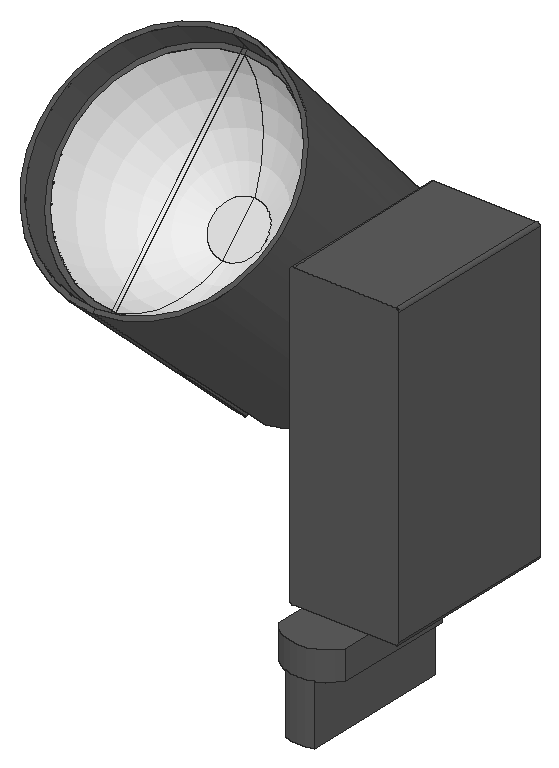
Revit family "0004890 Feilo Sylvania Lighting Fixture START TRACK SPOT L 35W 3K RA90 MB BLACK", category Lighting Fixtures, host Face, Revit 2017
Family settings
  Host = Face
  Round Connector Dimension = Use Diameter
  Part Type = Normal
  OmniClass Number = 23.80.70.00
  OmniClass Title = Lighting
  Cut with Voids When Loaded = No
  Light Source = No
  Shared = No
  Room Calculation Point = No
Parameters (values of type "0004890 START TRACK SPOT L 35W 3K RA90 MB BLACK")
  Weight = "1.368 kg"
  Wattage Comments = ""
  WarrantyStartDate [instance] = "n/a"
  WarrantyGuarantorParts = "n/a"
  WarrantyDurationUnit = "n/a"
  WarrantyDurationParts = "n/a"
  WarrantyDescription = "n/a"
  Voltage = 230 V
  URL = "http://www.sylvania-lighting.com"
  TypeName = "START TRACK SPOT L 35W 3K RA90 MB BLACK"
  TypeHead_FEILO = Start Track Spot Head : 0004890 START TRACK SPOT L 35W 3K RA90 MB BLACK
  TypeBox_FEILO = Start Track Spot Box : Type Large Black
  Type Image = <None>
  Type Comments = "n/a"
  VerticalRotation_FEILO [instance] = 0.00°
  SlideEndAngle_FEILO [instance] = VerticalRotation_FEILO + 180.00°  # 180.00°
  SerialNumber [instance] = "n/a"
  Material_3_FEILO = none
  PowerFactor = 0.93
  PowerConsumption = "35 W"
  NominalLength = 0 mm
  NominalHeight = 240 mm
  NominalDepth = 164 mm
  Name = "START TRACK SPOT L 35W 3K RA90 MB BLACK"
  ModelReference = Name  # "START TRACK SPOT L 35W 3K RA90 MB BLACK"
  ModelNumber = "0004890"
  Model = Name  # "START TRACK SPOT L 35W 3K RA90 MB BLACK"
  Material = "adc12 aluminium housing, polycarbonate diffuser"
  ManufacturerName = "Feilo Sylvania"
  Manufacturer = "Feilo Sylvania"
  LuminousEfficacy = "94 lm/W"
  LuminaireType = ""
  LightOutputRatio = "100"
  LampsType = Lamp  # "LED"
  LampNominalLuminous = "3306 lm"
  LampMacAdamStep = "3"
  LampColourTemperature = "3000 K"
  LampColourRenderingIndex = "90"
  Lamp = "LED"
  Keynote = "16500"
  InstallationDate [instance] = "n/a"
  InputVoltage = "230-240V~"
  InputNominalFrequency = "50/60 Hz"
  IngressProtection = "IP20"
  ImpactProtectionIndex = "IK02"
  IfcExportType = "IfcLightFixtureType"
  IfcExportAs = "IfcLightFixtureType"
  HorizontalRotation_FEILO [instance] = 45.00°
  ExpectedLife = 50000
  ElectricShockClassification = "Class II"
  DurationUnit = "hours"
  DocumentationLiterature = "http://www.sylvania-lighting.com/product/en-int/products/0004890"
  DimmingControlOptions = "Non dimmable"
  Material_2_FEILO = none
  Description = "Integrated LED spotlight, Textured Black - RAL9005, compact and minimalist design, ideal for retail applications, die-cast aluminium body, passive cooling heatsink. Beam angle: 38°, color temperature: 3000K , total system power: 35W, total fixture output: 3306 lm, LOR: 100%, colour rendering: Ra: 90 typical, LED Chromaticity: 3 step MacAdam ellipse, lifetime: >50000 hours at L70B50, energy class: A++, A+, A, IR/UV free light source without heat radiation, operating voltage: 220-240V / 50-60Hz, drive current: 900mA, electronic driver, non-dimmable, power factor: 0.93, electrical protection: Class II, Global Track 3 Phase adapter suitable for Global trac 3-circuit tracks, ingress protection rating: IP20, suitable for internal environment only, horizontal rotation: 355°, vertical tilt: 90°, dimensions: Ø113x164x240, weight: 1.368kg."
  Default Elevation = 1219.2 mm
  CreatedOn = "12/12/2017"
  CreatedBy = ""
  Cost = 0
  built-in parameter 1114216 [instance] = (empty or 0)
  ClassificationValue = "EF_70_80"
  ClassificationName = "Uniclass2015"
  Material_1_FEILO = Body-Sylvania-StartTrackSpot-Black
  BarCode [instance] = "n/a"
  AssetType = "Fixed"
  AssetIdentifier [instance] = "n/a"
  Assembly Code = "D5020200"
  Apparent Load = 35 VA
  Material_4_FEILO = none
Reference planes
  plane 1 "Center (Front/Back)": y = 0
  plane 2: z = 0
  plane 3 "Center (Left/Right)": x = 0
  plane 4: x = 15
  plane 5: x = -15
  plane 6: y = 35
  plane 7: y = -35
  plane 8: z = 13
  plane 9: z = -27
  plane 10: x = 6.5
  plane 11: x = -6.5
  plane 12: y = 27
  plane 13: y = -27
  plane 14: y = 20
Forms (mm)
  Extrusion 1, solid, material "Body-Sylvania-StartTrackSpot-Black" <- "Material_1_FEILO"
    sketch origin (0, 0, 0) x (1, 0, 0) y (0, 1, 0)
      loop
        line (-15, 27) -> (-15, -27)
        arc (-15, -27) -> (0, -35) -> (15, -27) r 18.062
        line (15, -27) -> (15, 27)
        arc (15, 27) -> (0, 35) -> (-15, 27) r 18.062
    from 0 to 13
  Extrusion 2, solid, material "Body-Sylvania-StartTrackSpot-Black" <- "Material_1_FEILO"
    sketch origin (0, 0, 0) x (1, 0, 0) y (0, 1, 0)
      loop
        arc (6.5, 33.79) -> (0, 35) -> (-6.5, 33.79) r 18.062
        line (-6.5, 33.79) -> (-6.5, -33.79)
        arc (-6.5, -33.79) -> (0, -35) -> (6.5, -33.79) r 18.062
        line (6.5, -33.79) -> (6.5, 33.79)
    from 0 to -27
  Revolve 3, solid, not visible
    sketch origin (1524, 20, 1219.2) x (1, 0, 0) y (0, 0, 1)
      loop
        line (-1524, -1206.2) -> (-1524, -1191.285) -> (-1530.5, -1191.285) -> (-1530.5, -1206.2) -> (-1524, -1206.2)
      axis (-1524, -1191.285) -> (-1524, -1206.2)
    angle from 0 <- "VerticalRotation_FEILO" to 180 <- "SlideEndAngle_FEILO"
Cuts and joins
  joined: Extrusion 1, Extrusion 2
Dimensions and locks
  equal spacing: plane 10, plane 3 "Center (Left/Right)", plane 11
  equal spacing: plane 4, plane 3 "Center (Left/Right)", plane 5
  locked: plane 8 to plane 2 at 13
  locked: plane 8 to plane 9 at 40
  equal spacing: plane 13, plane 1 "Center (Front/Back)", plane 12
  locked: plane 12 to plane 6 at 8
  locked: plane 14 to plane 6 at 15
  locked: Revolve 3 sketch curve to plane 8 at 14.915
  aligned and locked: plane 2 to host face
  aligned and locked: level to host face
  aligned and locked: plane 5 to Extrusion 1 sketch curve  (x2)
  aligned and locked: plane 12 to Extrusion 1 sketch curve
  aligned and locked: plane 13 to Extrusion 1 sketch curve
  aligned and locked: plane 4 to Extrusion 1 sketch curve
  aligned and locked: Extrusion 1 to plane 8
  aligned and locked: Extrusion 1 to level
  aligned and locked: Extrusion 2 sketch curve to Extrusion 1  (x2)
  aligned and locked: Extrusion 2 sketch curve to plane 11
  aligned and locked: plane 10 to Extrusion 2 sketch curve
  aligned and locked: plane 9 to Extrusion 2
  aligned and locked: level to Extrusion 2
  aligned and locked: Revolve 3 sketch curve to plane 3 "Center (Left/Right)"  (x2)
  aligned and locked: plane 11 to Revolve 3 sketch curve
  aligned and locked: Revolve 3 sketch curve to plane 8
Automatic sketch dimensions
  host sketch curve to host sketch curve = 2438.4 mm  (x2)
  Extrusion 1 sketch curve to plane 3 "Center (Left/Right)" = 0 mm  (x2)
  Extrusion 1 sketch curve to plane 13 = 10.062 mm
  plane 12 to Extrusion 1 sketch curve = 10.062 mm
  Revolve 3 sketch curve to plane 3 "Center (Left/Right)" = 0 mm
  plane 9 to Revolve 3 sketch curve = 582.6 mm
  Revolve 3 sketch curve to Revolve 3 sketch curve = 2581.144 mm
Nested families
  nested 1: "Start Track Spot Head" at (-75.5, 20, 133) x (0, 0.7071, 0.7071) z (0, 0.7071, -0.7071), type <- "TypeHead_FEILO", type "0004890 START TRACK SPOT L 35W 3K RA90 MB BLACK"
    with built-in parameter 1114216 (empty or 0)
  nested 2: "Start Track Spot Box" at (8.5, 20, 85) x (-1, 0, 0) z (0, -1, 0), BoxStartAngle_FEILO <- "HorizontalRotation_FEILO", type <- "TypeBox_FEILO", type "Type Large Black"
    with BoxStartAngle_FEILO 45.00°, BoxEndAngle_FEILO -135.00°
Connectors
  electrical at (0, 0, 0), driven by "Apparent Load", driven by "PowerFactor", driven by "Voltage"
    settings: index 1, voltage 230 V, apparent load 35 VA, apparent load phase1 0 VA, apparent load phase2 0 VA, apparent load phase3 0 VA, power factor 0.93, load classification "Lighting", number of poles 1, system type 30, power factor state 1, is connector primary yes, connector utility no, sub classification motor no, connector description ""
Definition of nested family "Start Track Spot Head"
  Parameters (values of type "0004811 START TRACK SPOT S 14W 3K RA80 NB WHITE")
    Wattage Comments = "n/a"
    Wattage = 14 W
    built-in parameter 1150110 = 1 (stored number, unit not read)
    URL = "http://www.feilosylvania.com"
    Type Image = (empty or 0)
    Type Comments = "n/a"
    built-in parameter 1114217 = 1 (stored number, unit not read)
    Tilt Angle = -90.00°
    built-in parameter 1150109 = 1 (stored number, unit not read)
    built-in parameter 1150134 = (empty or 0)
    built-in parameter 1150113 = 1 (stored number, unit not read)
    Photometric Web File = "0004811.ies"
    Material_3_FEILO = none
    Model = "START TRACK SPOT S 14W 3K RA80 NB WHITE"
    Manufacturer = "Feilo Sylvania"
    built-in parameter 1150105 = 123.66 (stored number, unit not read)
    Lumens = 1554 lm
    built-in parameter 1150115 = 1 (stored number, unit not read)
    built-in parameter 1150137 = (empty or 0)
    built-in parameter 1150139 = (empty or 0)
    built-in parameter 1150112 = 1 (stored number, unit not read)
    built-in parameter 1150114 = 1 (stored number, unit not read)
    Lamp = "LED"
    Keynote = "16500"
    Material_2_FEILO = none
    built-in parameter 1150132 = (empty or 0)
    built-in parameter 1150102 = (empty or 0)
    built-in parameter 1150107 = 3000 (stored number, unit not read)
    built-in parameter 1150138 = (empty or 0)
    built-in parameter 1150106 = 1.2366 (stored number, unit not read)
    HeadThickness_FEILO = if(HeadDiaOut_FEILO > 112 mm, 2 mm, 1.5 mm)  # 1.5 mm
    HeadRibOffset_FEILO = HeadHeight_FEILO / 28  # 4.179 mm
    HeadRibDepth_FEILO = HeadHeight_FEILO / 2.1  # 55.714 mm
    HeadRibCutWidth_FEILO = HeadDiaOut_FEILO / 12  # 7.167 mm
    HeadRibCutOffset_FEILO = HeadHeight_FEILO / 2.3  # 50.87 mm
    HeadReflectorRadius_FEILO = HeadDiaOut_FEILO / 1.7  # 50.588 mm
    HeadReflectorOffset_FEILO = HeadHeight_FEILO / 2.1  # 55.714 mm
    HeadLEDRadius_FEILO = HeadDiaOut_FEILO / 9  # 9.556 mm
    HeadHeight_FEILO = 117 mm
    HeadDraft_FEILO = 1 mm
    HeadDiffusorThickness_FEILO = 3 mm
    HeadDiffusorOffset_FEILO = HeadHeight_FEILO / 12.4  # 9.435 mm
    HeadDiaOut_FEILO = 86 mm
    HeadDiaIn_FEILO = HeadDiaOut_FEILO / 1.11  # 77.477 mm
    HeadAxisFromTop_FEILO = HeadHeight_FEILO / 1.687  # 69.354 mm
    Emit from Circle Diameter = HeadDiaIn_FEILO  # 77.477 mm
    Emit Shape Visible in Rendering = no
    built-in parameter 1150104 = 10.312 (stored number, unit not read)
    Dimming Lamp Color Temperature Shift = (empty or 0)
    Description = "Integrated LED spotlight, Textured White - RAL9016, compact and minimalist design, ideal for retail applications, die-cast aluminium body, passive cooling heatsink. Beam angle: 12°, color temperature: 3000K , total system power: 14W, total fixture output: 1551 lm, LOR: 100%, colour rendering: Ra: 80 typical, LED Chromaticity: 3 step MacAdam ellipse, lifetime: >50000 hours at L70B50, energy class: A++, A+, A, IR/UV free light source without heat radiation, operating voltage: 220-240V / 50-60Hz, drive current: 350mA, electronic driver, non-dimmable, power factor: 0.92, electrical protection: Class II, Global Track 3 Phase adapter suitable for Global trac 3-circuit tracks, ingress protection rating: IP20, suitable for internal environment only, horizontal rotation: 355°, vertical tilt: 90°, dimensions: Ø86x140x200, weight: 0.940kg."
    Default Elevation = 1219.2 mm
    Cost = 0
    Color Filter = 16777215
    built-in parameter 1114216 [instance] = (empty or 0)
    Material_1_FEILO = none
    built-in parameter 1114218 = 1 (stored number, unit not read)
    built-in parameter 1150133 = 10 (stored number, unit not read)
    Assembly Code = "D5020200"
    Apparent Load = 14 VA
    Material_4_FEILO = none
  Types (96, lengths in mm): name | Wattage | built-in parameter 1150134 | Photometric Web File | Model | built-in parameter 1150105 | Lumens | built-in parameter 1150107 | built-in parameter 1150106 | HeadThickness_FEILO | HeadRibOffset_FEILO | HeadRibDepth_FEILO | HeadRibCutWidth_FEILO | HeadRibCutOffset_FEILO | HeadReflectorRadius_FEILO | HeadReflectorOffset_FEILO | HeadLEDRadius_FEILO | HeadHeight_FEILO | HeadDiffusorOffset_FEILO | HeadDiaOut_FEILO | HeadDiaIn_FEILO | HeadAxisFromTop_FEILO | Emit from Circle Diameter | built-in parameter 1150104 | Description | Apparent Load
    0004906 START TRACK SPOT L 55W 4K RA90 WB BLACK | 55 W | 12 | "0004906.ies" | "START TRACK SPOT L 55W 4K RA90 WB BLACK" | 385.15 (stored number, unit not read) | 4840 lm | 4000 (stored number, unit not read) | 3.8515 (stored number, unit not read) | 2 | 4.429 | 59.048 | 9.417 | 53.913 | 66.471 | 59.048 | 12.556 | 124 | 10 | 113 | 101.802 | 73.503 | 101.802 | 8.1755 (stored number, unit not read) | "Integrated LED spotlight, Textured Black - RAL9005, compact and minimalist design, ideal for retail applications, die-cast aluminium body, passive cooling heatsink. Beam angle: 52°, color temperature: 4000K , total system power: 55W, total fixture output: 4824 lm, LOR: 100%, colour rendering: Ra: 90 typical, LED Chromaticity: 3 step MacAdam ellipse, lifetime: >50000 hours at L70B50, energy class: A++, A+, A, IR/UV free light source without heat radiation, operating voltage: 220-240V / 50-60Hz, drive current: 1400mA, electronic driver, non-dimmable, power factor: 0.96, electrical protection: Class II, Global Track 3 Phase adapter suitable for Global trac 3-circuit tracks, ingress protection rating: IP20, suitable for internal environment only, horizontal rotation: 355°, vertical tilt: 90°, dimensions: Ø113x164x240, weight: 1.398kg." | 55 VA
    0004905 START TRACK SPOT L 55W 4K RA90 MB BLACK | 55 W | 12 | "0004905.ies" | "START TRACK SPOT L 55W 4K RA90 MB BLACK" | 389.53 (stored number, unit not read) | 4895 lm | 4000 (stored number, unit not read) | 3.8953 (stored number, unit not read) | 2 | 4.429 | 59.048 | 9.417 | 53.913 | 66.471 | 59.048 | 12.556 | 124 | 10 | 113 | 101.802 | 73.503 | 101.802 | 8.2684 (stored number, unit not read) | "Integrated LED spotlight, Textured Black - RAL9005, compact and minimalist design, ideal for retail applications, die-cast aluminium body, passive cooling heatsink. Beam angle: 38°, color temperature: 4000K , total system power: 55W, total fixture output: 4897 lm, LOR: 100%, colour rendering: Ra: 90 typical, LED Chromaticity: 3 step MacAdam ellipse, lifetime: >50000 hours at L70B50, energy class: A++, A+, A, IR/UV free light source without heat radiation, operating voltage: 220-240V / 50-60Hz, drive current: 1400mA, electronic driver, non-dimmable, power factor: 0.96, electrical protection: Class II, Global Track 3 Phase adapter suitable for Global trac 3-circuit tracks, ingress protection rating: IP20, suitable for internal environment only, horizontal rotation: 355°, vertical tilt: 90°, dimensions: Ø113x164x240, weight: 1.398kg." | 55 VA
    0004904 START TRACK SPOT L 55W 4K RA90 NB BLACK | 55 W | 12 | "0004904.ies" | "START TRACK SPOT L 55W 4K RA90 NB BLACK" | 393.91 (stored number, unit not read) | 4950 lm | 4000 (stored number, unit not read) | 3.9391 (stored number, unit not read) | 2 | 4.429 | 59.048 | 9.417 | 53.913 | 66.471 | 59.048 | 12.556 | 124 | 10 | 113 | 101.802 | 73.503 | 101.802 | 8.3613 (stored number, unit not read) | "Integrated LED spotlight, Textured Black - RAL9005, compact and minimalist design, ideal for retail applications, die-cast aluminium body, passive cooling heatsink. Beam angle: 15°, color temperature: 4000K , total system power: 55W, total fixture output: 4965 lm, LOR: 100%, colour rendering: Ra: 90 typical, LED Chromaticity: 3 step MacAdam ellipse, lifetime: >50000 hours at L70B50, energy class: A++, A+, A, IR/UV free light source without heat radiation, operating voltage: 220-240V / 50-60Hz, drive current: 1400mA, electronic driver, non-dimmable, power factor: 0.96, electrical protection: Class II, Global Track 3 Phase adapter suitable for Global trac 3-circuit tracks, ingress protection rating: IP20, suitable for internal environment only, horizontal rotation: 355°, vertical tilt: 90°, dimensions: Ø113x164x240, weight: 1.398kg." | 55 VA
    0004903 START TRACK SPOT L 35W 4K RA90 WB BLACK | 35 W | 12 | "0004903.ies" | "START TRACK SPOT L 35W 4K RA90 WB BLACK" | 284.09 (stored number, unit not read) | 3570 lm | 4000 (stored number, unit not read) | 2.8409 (stored number, unit not read) | 2 | 4.429 | 59.048 | 9.417 | 53.913 | 66.471 | 59.048 | 12.556 | 124 | 10 | 113 | 101.802 | 73.503 | 101.802 | 9.4761 (stored number, unit not read) | "Integrated LED spotlight, Textured Black - RAL9005, compact and minimalist design, ideal for retail applications, die-cast aluminium body, passive cooling heatsink. Beam angle: 52°, color temperature: 4000K , total system power: 35W, total fixture output: 3562 lm, LOR: 100%, colour rendering: Ra: 90 typical, LED Chromaticity: 3 step MacAdam ellipse, lifetime: >50000 hours at L70B50, energy class: A++, A+, A, IR/UV free light source without heat radiation, operating voltage: 220-240V / 50-60Hz, drive current: 900mA, electronic driver, non-dimmable, power factor: 0.93, electrical protection: Class II, Global Track 3 Phase adapter suitable for Global trac 3-circuit tracks, ingress protection rating: IP20, suitable for internal environment only, horizontal rotation: 355°, vertical tilt: 90°, dimensions: Ø113x164x240, weight: 1.368kg." | 35 VA
    0004902 START TRACK SPOT L 35W 4K RA90 MB BLACK | 35 W | 12 | "0004902.ies" | "START TRACK SPOT L 35W 4K RA90 MB BLACK" | 286.88 (stored number, unit not read) | 3605 lm | 4000 (stored number, unit not read) | 2.8688 (stored number, unit not read) | 2 | 4.429 | 59.048 | 9.417 | 53.913 | 66.471 | 59.048 | 12.556 | 124 | 10 | 113 | 101.802 | 73.503 | 101.802 | 9.569 (stored number, unit not read) | "Integrated LED spotlight, Textured Black - RAL9005, compact and minimalist design, ideal for retail applications, die-cast aluminium body, passive cooling heatsink. Beam angle: 38°, color temperature: 4000K , total system power: 35W, total fixture output: 3616 lm, LOR: 100%, colour rendering: Ra: 90 typical, LED Chromaticity: 3 step MacAdam ellipse, lifetime: >50000 hours at L70B50, energy class: A++, A+, A, IR/UV free light source without heat radiation, operating voltage: 220-240V / 50-60Hz, drive current: 900mA, electronic driver, non-dimmable, power factor: 0.93, electrical protection: Class II, Global Track 3 Phase adapter suitable for Global trac 3-circuit tracks, ingress protection rating: IP20, suitable for internal environment only, horizontal rotation: 355°, vertical tilt: 90°, dimensions: Ø113x164x240, weight: 1.368kg." | 35 VA
    0004901 START TRACK SPOT L 35W 4K RA90 NB BLACK | 35 W | 12 | "0004901.ies" | "START TRACK SPOT L 35W 4K RA90 NB BLACK" | 286.88 (stored number, unit not read) | 3605 lm | 4000 (stored number, unit not read) | 2.8688 (stored number, unit not read) | 2 | 4.429 | 59.048 | 9.417 | 53.913 | 66.471 | 59.048 | 12.556 | 124 | 10 | 113 | 101.802 | 73.503 | 101.802 | 9.569 (stored number, unit not read) | "Integrated LED spotlight, Textured Black - RAL9005, compact and minimalist design, ideal for retail applications, die-cast aluminium body, passive cooling heatsink. Beam angle: 15°, color temperature: 4000K , total system power: 35W, total fixture output: 3593 lm, LOR: 100%, colour rendering: Ra: 90 typical, LED Chromaticity: 3 step MacAdam ellipse, lifetime: >50000 hours at L70B50, energy class: A++, A+, A, IR/UV free light source without heat radiation, operating voltage: 220-240V / 50-60Hz, drive current: 900mA, electronic driver, non-dimmable, power factor: 0.93, electrical protection: Class II, Global Track 3 Phase adapter suitable for Global trac 3-circuit tracks, ingress protection rating: IP20, suitable for internal environment only, horizontal rotation: 355°, vertical tilt: 90°, dimensions: Ø113x164x240, weight: 1.368kg." | 35 VA
    0004900 START TRACK SPOT S 24W 4K RA90 WB BLACK | 24 W | 12 | "0004900.ies" | "START TRACK SPOT S 24W 4K RA90 WB BLACK" | 166.16 (stored number, unit not read) | 2088 lm | 4000 (stored number, unit not read) | 1.6616 (stored number, unit not read) | 1.5 | 4.179 | 55.714 | 7.167 | 50.87 | 50.588 | 55.714 | 9.556 | 117 | 9.435 | 86 | 77.477 | 69.354 | 77.477 | 8.0826 (stored number, unit not read) | "Integrated LED spotlight, Textured Black - RAL9005, compact and minimalist design, ideal for retail applications, die-cast aluminium body, passive cooling heatsink. Beam angle: 64°, color temperature: 4000K , total system power: 24W, total fixture output: 2087 lm, LOR: 100%, colour rendering: Ra: 90 typical, LED Chromaticity: 3 step MacAdam ellipse, lifetime: >50000 hours at L70B50, energy class: A++, A+, A, IR/UV free light source without heat radiation, operating voltage: 220-240V / 50-60Hz, drive current: 600mA, electronic driver, non-dimmable, power factor: 0.95, electrical protection: Class II, Global Track 3 Phase adapter suitable for Global trac 3-circuit tracks, ingress protection rating: IP20, suitable for internal environment only, horizontal rotation: 355°, vertical tilt: 90°, dimensions: Ø86x140x200, weight: 0.966kg." | 24 VA
    0004899 START TRACK SPOT S 24W 4K RA90 MB BLACK | 24 W | 12 | "0004899.ies" | "START TRACK SPOT S 24W 4K RA90 MB BLACK" | 169.98 (stored number, unit not read) | 2136 lm | 4000 (stored number, unit not read) | 1.6998 (stored number, unit not read) | 1.5 | 4.179 | 55.714 | 7.167 | 50.87 | 50.588 | 55.714 | 9.556 | 117 | 9.435 | 86 | 77.477 | 69.354 | 77.477 | 8.2684 (stored number, unit not read) | "Integrated LED spotlight, Textured Black - RAL9005, compact and minimalist design, ideal for retail applications, die-cast aluminium body, passive cooling heatsink. Beam angle: 36°, color temperature: 4000K , total system power: 24W, total fixture output: 2141 lm, LOR: 100%, colour rendering: Ra: 90 typical, LED Chromaticity: 3 step MacAdam ellipse, lifetime: >50000 hours at L70B50, energy class: A++, A+, A, IR/UV free light source without heat radiation, operating voltage: 220-240V / 50-60Hz, drive current: 600mA, electronic driver, non-dimmable, power factor: 0.95, electrical protection: Class II, Global Track 3 Phase adapter suitable for Global trac 3-circuit tracks, ingress protection rating: IP20, suitable for internal environment only, horizontal rotation: 355°, vertical tilt: 90°, dimensions: Ø86x140x200, weight: 0.966kg." | 24 VA
    0004898 START TRACK SPOT S 24W 4K RA90 NB BLACK | 24 W | 12 | "0004898.ies" | "START TRACK SPOT S 24W 4K RA90 NB BLACK" | 171.89 (stored number, unit not read) | 2160 lm | 4000 (stored number, unit not read) | 1.7189 (stored number, unit not read) | 1.5 | 4.179 | 55.714 | 7.167 | 50.87 | 50.588 | 55.714 | 9.556 | 117 | 9.435 | 86 | 77.477 | 69.354 | 77.477 | 8.3613 (stored number, unit not read) | "Integrated LED spotlight, Textured Black - RAL9005, compact and minimalist design, ideal for retail applications, die-cast aluminium body, passive cooling heatsink. Beam angle: 12°, color temperature: 4000K , total system power: 24W, total fixture output: 2155 lm, LOR: 100%, colour rendering: Ra: 90 typical, LED Chromaticity: 3 step MacAdam ellipse, lifetime: >50000 hours at L70B50, energy class: A++, A+, A, IR/UV free light source without heat radiation, operating voltage: 220-240V / 50-60Hz, drive current: 600mA, electronic driver, non-dimmable, power factor: 0.95, electrical protection: Class II, Global Track 3 Phase adapter suitable for Global trac 3-circuit tracks, ingress protection rating: IP20, suitable for internal environment only, horizontal rotation: 355°, vertical tilt: 90°, dimensions: Ø86x140x200, weight: 0.966kg." | 24 VA
    0004897 START TRACK SPOT S 14W 4K RA90 WB BLACK | 14 W | 12 | "0004897.ies" | "START TRACK SPOT S 14W 4K RA90 WB BLACK" | 108.07 (stored number, unit not read) | 1358 lm | 4000 (stored number, unit not read) | 1.0807 (stored number, unit not read) | 1.5 | 4.179 | 55.714 | 7.167 | 50.87 | 50.588 | 55.714 | 9.556 | 117 | 9.435 | 86 | 77.477 | 69.354 | 77.477 | 9.0116 (stored number, unit not read) | "Integrated LED spotlight, Textured Black - RAL9005, compact and minimalist design, ideal for retail applications, die-cast aluminium body, passive cooling heatsink. Beam angle: 64°, color temperature: 4000K , total system power: 14W, total fixture output: 1352 lm, LOR: 100%, colour rendering: Ra: 90 typical, LED Chromaticity: 3 step MacAdam ellipse, lifetime: >50000 hours at L70B50, energy class: A++, A+, A, IR/UV free light source without heat radiation, operating voltage: 220-240V / 50-60Hz, drive current: 350mA, electronic driver, non-dimmable, power factor: 0.92, electrical protection: Class II, Global Track 3 Phase adapter suitable for Global trac 3-circuit tracks, ingress protection rating: IP20, suitable for internal environment only, horizontal rotation: 355°, vertical tilt: 90°, dimensions: Ø86x140x200, weight: 0.940kg." | 14 VA
    0004896 START TRACK SPOT S 14W 4K RA90 MB BLACK | 14 W | 12 | "0004896.ies" | "START TRACK SPOT S 14W 4K RA90 MB BLACK" | 108.07 (stored number, unit not read) | 1358 lm | 4000 (stored number, unit not read) | 1.0807 (stored number, unit not read) | 1.5 | 4.179 | 55.714 | 7.167 | 50.87 | 50.588 | 55.714 | 9.556 | 117 | 9.435 | 86 | 77.477 | 69.354 | 77.477 | 9.0116 (stored number, unit not read) | "Integrated LED spotlight, Textured Black - RAL9005, compact and minimalist design, ideal for retail applications, die-cast aluminium body, passive cooling heatsink. Beam angle: 36°, color temperature: 4000K , total system power: 14W, total fixture output: 1359 lm, LOR: 100%, colour rendering: Ra: 90 typical, LED Chromaticity: 3 step MacAdam ellipse, lifetime: >50000 hours at L70B50, energy class: A++, A+, A, IR/UV free light source without heat radiation, operating voltage: 220-240V / 50-60Hz, drive current: 350mA, electronic driver, non-dimmable, power factor: 0.92, electrical protection: Class II, Global Track 3 Phase adapter suitable for Global trac 3-circuit tracks, ingress protection rating: IP20, suitable for internal environment only, horizontal rotation: 355°, vertical tilt: 90°, dimensions: Ø86x140x200, weight: 0.940kg." | 14 VA
    0004895 START TRACK SPOT S 14W 4K RA90 NB BLACK | 14 W | 12 | "0004895.ies" | "START TRACK SPOT S 14W 4K RA90 NB BLACK" | 106.95 (stored number, unit not read) | 1344 lm | 4000 (stored number, unit not read) | 1.0695 (stored number, unit not read) | 1.5 | 4.179 | 55.714 | 7.167 | 50.87 | 50.588 | 55.714 | 9.556 | 117 | 9.435 | 86 | 77.477 | 69.354 | 77.477 | 8.9187 (stored number, unit not read) | "Integrated LED spotlight, Textured Black - RAL9005, compact and minimalist design, ideal for retail applications, die-cast aluminium body, passive cooling heatsink. Beam angle: 12°, color temperature: 4000K , total system power: 14W, total fixture output: 1349 lm, LOR: 100%, colour rendering: Ra: 90 typical, LED Chromaticity: 3 step MacAdam ellipse, lifetime: >50000 hours at L70B50, energy class: A++, A+, A, IR/UV free light source without heat radiation, operating voltage: 220-240V / 50-60Hz, drive current: 350mA, electronic driver, non-dimmable, power factor: 0.92, electrical protection: Class II, Global Track 3 Phase adapter suitable for Global trac 3-circuit tracks, ingress protection rating: IP20, suitable for internal environment only, horizontal rotation: 355°, vertical tilt: 90°, dimensions: Ø86x140x200, weight: 0.940kg." | 14 VA
    0004894 START TRACK SPOT L 55W 3K RA90 WB BLACK | 55 W | (empty or 0) | "0004894.ies" | "START TRACK SPOT L 55W 3K RA90 WB BLACK" | 350.14 (stored number, unit not read) | 4400 lm | 3000 (stored number, unit not read) | 3.5014 (stored number, unit not read) | 2 | 4.429 | 59.048 | 9.417 | 53.913 | 66.471 | 59.048 | 12.556 | 124 | 10 | 113 | 101.802 | 73.503 | 101.802 | 7.4322 (stored number, unit not read) | "Integrated LED spotlight, Textured Black - RAL9005, compact and minimalist design, ideal for retail applications, die-cast aluminium body, passive cooling heatsink. Beam angle: 52°, color temperature: 3000K , total system power: 55W, total fixture output: 4405 lm, LOR: 100%, colour rendering: Ra: 90 typical, LED Chromaticity: 3 step MacAdam ellipse, lifetime: >50000 hours at L70B50, energy class: A++, A+, A, IR/UV free light source without heat radiation, operating voltage: 220-240V / 50-60Hz, drive current: 1400mA, electronic driver, non-dimmable, power factor: 0.96, electrical protection: Class II, Global Track 3 Phase adapter suitable for Global trac 3-circuit tracks, ingress protection rating: IP20, suitable for internal environment only, horizontal rotation: 355°, vertical tilt: 90°, dimensions: Ø113x164x240, weight: 1.398kg." | 55 VA
    0004893 START TRACK SPOT L 55W 3K RA90 MB BLACK | 55 W | (empty or 0) | "0004893.ies" | "START TRACK SPOT L 55W 3K RA90 MB BLACK" | 354.52 (stored number, unit not read) | 4455 lm | 3000 (stored number, unit not read) | 3.5452 (stored number, unit not read) | 2 | 4.429 | 59.048 | 9.417 | 53.913 | 66.471 | 59.048 | 12.556 | 124 | 10 | 113 | 101.802 | 73.503 | 101.802 | 7.5251 (stored number, unit not read) | "Integrated LED spotlight, Textured Black - RAL9005, compact and minimalist design, ideal for retail applications, die-cast aluminium body, passive cooling heatsink. Beam angle: 38°, color temperature: 3000K , total system power: 55W, total fixture output: 4448 lm, LOR: 100%, colour rendering: Ra: 90 typical, LED Chromaticity: 3 step MacAdam ellipse, lifetime: >50000 hours at L70B50, energy class: A++, A+, A, IR/UV free light source without heat radiation, operating voltage: 220-240V / 50-60Hz, drive current: 1400mA, electronic driver, non-dimmable, power factor: 0.96, electrical protection: Class II, Global Track 3 Phase adapter suitable for Global trac 3-circuit tracks, ingress protection rating: IP20, suitable for internal environment only, horizontal rotation: 355°, vertical tilt: 90°, dimensions: Ø113x164x240, weight: 1.398kg." | 55 VA
    0004892 START TRACK SPOT L 55W 3K RA90 NB BLACK | 55 W | (empty or 0) | "0004892.ies" | "START TRACK SPOT L 55W 3K RA90 NB BLACK" | 350.14 (stored number, unit not read) | 4400 lm | 3000 (stored number, unit not read) | 3.5014 (stored number, unit not read) | 2 | 4.429 | 59.048 | 9.417 | 53.913 | 66.471 | 59.048 | 12.556 | 124 | 10 | 113 | 101.802 | 73.503 | 101.802 | 7.4322 (stored number, unit not read) | "Integrated LED spotlight, Textured Black - RAL9005, compact and minimalist design, ideal for retail applications, die-cast aluminium body, passive cooling heatsink. Beam angle: 15°, color temperature: 3000K , total system power: 55W, total fixture output: 4416 lm, LOR: 100%, colour rendering: Ra: 90 typical, LED Chromaticity: 3 step MacAdam ellipse, lifetime: >50000 hours at L70B50, energy class: A++, A+, A, IR/UV free light source without heat radiation, operating voltage: 220-240V / 50-60Hz, drive current: 1400mA, electronic driver, non-dimmable, power factor: 0.96, electrical protection: Class II, Global Track 3 Phase adapter suitable for Global trac 3-circuit tracks, ingress protection rating: IP20, suitable for internal environment only, horizontal rotation: 355°, vertical tilt: 90°, dimensions: Ø113x164x240, weight: 1.398kg." | 55 VA
    0004891 START TRACK SPOT L 35W 3K RA90 WB BLACK | 35 W | (empty or 0) | "0004891.ies" | "START TRACK SPOT L 35W 3K RA90 WB BLACK" | 259.02 (stored number, unit not read) | 3255 lm | 3000 (stored number, unit not read) | 2.5902 (stored number, unit not read) | 2 | 4.429 | 59.048 | 9.417 | 53.913 | 66.471 | 59.048 | 12.556 | 124 | 10 | 113 | 101.802 | 73.503 | 101.802 | 8.64 (stored number, unit not read) | "Integrated LED spotlight, Textured Black - RAL9005, compact and minimalist design, ideal for retail applications, die-cast aluminium body, passive cooling heatsink. Beam angle: 52°, color temperature: 3000K , total system power: 35W, total fixture output: 3260 lm, LOR: 100%, colour rendering: Ra: 90 typical, LED Chromaticity: 3 step MacAdam ellipse, lifetime: >50000 hours at L70B50, energy class: A++, A+, A, IR/UV free light source without heat radiation, operating voltage: 220-240V / 50-60Hz, drive current: 900mA, electronic driver, non-dimmable, power factor: 0.93, electrical protection: Class II, Global Track 3 Phase adapter suitable for Global trac 3-circuit tracks, ingress protection rating: IP20, suitable for internal environment only, horizontal rotation: 355°, vertical tilt: 90°, dimensions: Ø113x164x240, weight: 1.368kg." | 35 VA
    0004890 START TRACK SPOT L 35W 3K RA90 MB BLACK | 35 W | (empty or 0) | "0004890.ies" | "START TRACK SPOT L 35W 3K RA90 MB BLACK" | 261.81 (stored number, unit not read) | 3290 lm | 3000 (stored number, unit not read) | 2.6181 (stored number, unit not read) | 2 | 4.429 | 59.048 | 9.417 | 53.913 | 66.471 | 59.048 | 12.556 | 124 | 10 | 113 | 101.802 | 73.503 | 101.802 | 8.7329 (stored number, unit not read) | "Integrated LED spotlight, Textured Black - RAL9005, compact and minimalist design, ideal for retail applications, die-cast aluminium body, passive cooling heatsink. Beam angle: 38°, color temperature: 3000K , total system power: 35W, total fixture output: 3306 lm, LOR: 100%, colour rendering: Ra: 90 typical, LED Chromaticity: 3 step MacAdam ellipse, lifetime: >50000 hours at L70B50, energy class: A++, A+, A, IR/UV free light source without heat radiation, operating voltage: 220-240V / 50-60Hz, drive current: 900mA, electronic driver, non-dimmable, power factor: 0.93, electrical protection: Class II, Global Track 3 Phase adapter suitable for Global trac 3-circuit tracks, ingress protection rating: IP20, suitable for internal environment only, horizontal rotation: 355°, vertical tilt: 90°, dimensions: Ø113x164x240, weight: 1.368kg." | 35 VA
    0004889 START TRACK SPOT L 35W 3K RA90 NB BLACK | 35 W | (empty or 0) | "0004889.ies" | "START TRACK SPOT L 35W 3K RA90 NB BLACK" | 261.81 (stored number, unit not read) | 3290 lm | 3000 (stored number, unit not read) | 2.6181 (stored number, unit not read) | 2 | 4.429 | 59.048 | 9.417 | 53.913 | 66.471 | 59.048 | 12.556 | 124 | 10 | 113 | 101.802 | 73.503 | 101.802 | 8.7329 (stored number, unit not read) | "Integrated LED spotlight, Textured Black - RAL9005, compact and minimalist design, ideal for retail applications, die-cast aluminium body, passive cooling heatsink. Beam angle: 15°, color temperature: 3000K , total system power: 35W, total fixture output: 3287 lm, LOR: 100%, colour rendering: Ra: 90 typical, LED Chromaticity: 3 step MacAdam ellipse, lifetime: >50000 hours at L70B50, energy class: A++, A+, A, IR/UV free light source without heat radiation, operating voltage: 220-240V / 50-60Hz, drive current: 900mA, electronic driver, non-dimmable, power factor: 0.93, electrical protection: Class II, Global Track 3 Phase adapter suitable for Global trac 3-circuit tracks, ingress protection rating: IP20, suitable for internal environment only, horizontal rotation: 355°, vertical tilt: 90°, dimensions: Ø113x164x240, weight: 1.368kg." | 35 VA
    0004888 START TRACK SPOT S 24W 3K RA90 WB BLACK | 24 W | (empty or 0) | "0004888.ies" | "START TRACK SPOT S 24W 3K RA90 WB BLACK" | 152.79 (stored number, unit not read) | 1920 lm | 3000 (stored number, unit not read) | 1.5279 (stored number, unit not read) | 1.5 | 4.179 | 55.714 | 7.167 | 50.87 | 50.588 | 55.714 | 9.556 | 117 | 9.435 | 86 | 77.477 | 69.354 | 77.477 | 7.4322 (stored number, unit not read) | "Integrated LED spotlight, Textured Black - RAL9005, compact and minimalist design, ideal for retail applications, die-cast aluminium body, passive cooling heatsink. Beam angle: 64°, color temperature: 3000K , total system power: 24W, total fixture output: 1928 lm, LOR: 100%, colour rendering: Ra: 90 typical, LED Chromaticity: 3 step MacAdam ellipse, lifetime: >50000 hours at L70B50, energy class: A++, A+, A, IR/UV free light source without heat radiation, operating voltage: 220-240V / 50-60Hz, drive current: 600mA, electronic driver, non-dimmable, power factor: 0.95, electrical protection: Class II, Global Track 3 Phase adapter suitable for Global trac 3-circuit tracks, ingress protection rating: IP20, suitable for internal environment only, horizontal rotation: 355°, vertical tilt: 90°, dimensions: Ø86x140x200, weight: 0.966kg." | 24 VA
    0004887 START TRACK SPOT S 24W 3K RA90 MB BLACK | 24 W | (empty or 0) | "0004887.ies" | "START TRACK SPOT S 24W 3K RA90 MB BLACK" | 154.7 (stored number, unit not read) | 1944 lm | 3000 (stored number, unit not read) | 1.547 (stored number, unit not read) | 1.5 | 4.179 | 55.714 | 7.167 | 50.87 | 50.588 | 55.714 | 9.556 | 117 | 9.435 | 86 | 77.477 | 69.354 | 77.477 | 7.5251 (stored number, unit not read) | "Integrated LED spotlight, Textured Black - RAL9005, compact and minimalist design, ideal for retail applications, die-cast aluminium body, passive cooling heatsink. Beam angle: 36°, color temperature: 3000K , total system power: 24W, total fixture output: 1944 lm, LOR: 100%, colour rendering: Ra: 90 typical, LED Chromaticity: 3 step MacAdam ellipse, lifetime: >50000 hours at L70B50, energy class: A++, A+, A, IR/UV free light source without heat radiation, operating voltage: 220-240V / 50-60Hz, drive current: 600mA, electronic driver, non-dimmable, power factor: 0.95, electrical protection: Class II, Global Track 3 Phase adapter suitable for Global trac 3-circuit tracks, ingress protection rating: IP20, suitable for internal environment only, horizontal rotation: 355°, vertical tilt: 90°, dimensions: Ø86x140x200, weight: 0.966kg." | 24 VA
    0004886 START TRACK SPOT S 24W 3K RA90 NB BLACK | 24 W | (empty or 0) | "0004886.ies" | "START TRACK SPOT S 24W 3K RA90 NB BLACK" | 158.52 (stored number, unit not read) | 1992 lm | 3000 (stored number, unit not read) | 1.5852 (stored number, unit not read) | 1.5 | 4.179 | 55.714 | 7.167 | 50.87 | 50.588 | 55.714 | 9.556 | 117 | 9.435 | 86 | 77.477 | 69.354 | 77.477 | 7.711 (stored number, unit not read) | "Integrated LED spotlight, Textured Black - RAL9005, compact and minimalist design, ideal for retail applications, die-cast aluminium body, passive cooling heatsink. Beam angle: 12°, color temperature: 3000K , total system power: 24W, total fixture output: 1987 lm, LOR: 100%, colour rendering: Ra: 90 typical, LED Chromaticity: 3 step MacAdam ellipse, lifetime: >50000 hours at L70B50, energy class: A++, A+, A, IR/UV free light source without heat radiation, operating voltage: 220-240V / 50-60Hz, drive current: 600mA, electronic driver, non-dimmable, power factor: 0.95, electrical protection: Class II, Global Track 3 Phase adapter suitable for Global trac 3-circuit tracks, ingress protection rating: IP20, suitable for internal environment only, horizontal rotation: 355°, vertical tilt: 90°, dimensions: Ø86x140x200, weight: 0.966kg." | 24 VA
    0004885 START TRACK SPOT S 14W 3K RA90 WB BLACK | 14 W | (empty or 0) | "0004885.ies" | "START TRACK SPOT S 14W 3K RA90 WB BLACK" | 100.27 (stored number, unit not read) | 1260 lm | 3000 (stored number, unit not read) | 1.0027 (stored number, unit not read) | 1.5 | 4.179 | 55.714 | 7.167 | 50.87 | 50.588 | 55.714 | 9.556 | 117 | 9.435 | 86 | 77.477 | 69.354 | 77.477 | 8.3613 (stored number, unit not read) | "Integrated LED spotlight, Textured Black - RAL9005, compact and minimalist design, ideal for retail applications, die-cast aluminium body, passive cooling heatsink. Beam angle: 64°, color temperature: 3000K , total system power: 14W, total fixture output: 1262 lm, LOR: 100%, colour rendering: Ra: 90 typical, LED Chromaticity: 3 step MacAdam ellipse, lifetime: >50000 hours at L70B50, energy class: A++, A+, A, IR/UV free light source without heat radiation, operating voltage: 220-240V / 50-60Hz, drive current: 350mA, electronic driver, non-dimmable, power factor: 0.92, electrical protection: Class II, Global Track 3 Phase adapter suitable for Global trac 3-circuit tracks, ingress protection rating: IP20, suitable for internal environment only, horizontal rotation: 355°, vertical tilt: 90°, dimensions: Ø86x140x200, weight: 0.940kg." | 14 VA
    0004884 START TRACK SPOT S 14W 3K RA90 MB BLACK | 14 W | (empty or 0) | "0004884.ies" | "START TRACK SPOT S 14W 3K RA90 MB BLACK" | 100.27 (stored number, unit not read) | 1260 lm | 3000 (stored number, unit not read) | 1.0027 (stored number, unit not read) | 1.5 | 4.179 | 55.714 | 7.167 | 50.87 | 50.588 | 55.714 | 9.556 | 117 | 9.435 | 86 | 77.477 | 69.354 | 77.477 | 8.3613 (stored number, unit not read) | "Integrated LED spotlight, Textured Black - RAL9005, compact and minimalist design, ideal for retail applications, die-cast aluminium body, passive cooling heatsink. Beam angle: 36°, color temperature: 3000K , total system power: 14W, total fixture output: 1262 lm, LOR: 100%, colour rendering: Ra: 90 typical, LED Chromaticity: 3 step MacAdam ellipse, lifetime: >50000 hours at L70B50, energy class: A++, A+, A, IR/UV free light source without heat radiation, operating voltage: 220-240V / 50-60Hz, drive current: 350mA, electronic driver, non-dimmable, power factor: 0.92, electrical protection: Class II, Global Track 3 Phase adapter suitable for Global trac 3-circuit tracks, ingress protection rating: IP20, suitable for internal environment only, horizontal rotation: 355°, vertical tilt: 90°, dimensions: Ø86x140x200, weight: 0.940kg." | 14 VA
    0004883 START TRACK SPOT S 14W 3K RA90 NB BLACK | 14 W | (empty or 0) | "0004883.ies" | "START TRACK SPOT S 14W 3K RA90 NB BLACK" | 102.5 (stored number, unit not read) | 1288 lm | 3000 (stored number, unit not read) | 1.025 (stored number, unit not read) | 1.5 | 4.179 | 55.714 | 7.167 | 50.87 | 50.588 | 55.714 | 9.556 | 117 | 9.435 | 86 | 77.477 | 69.354 | 77.477 | 8.5471 (stored number, unit not read) | "Integrated LED spotlight, Textured Black - RAL9005, compact and minimalist design, ideal for retail applications, die-cast aluminium body, passive cooling heatsink. Beam angle: 12°, color temperature: 3000K , total system power: 14W, total fixture output: 1284 lm, LOR: 100%, colour rendering: Ra: 90 typical, LED Chromaticity: 3 step MacAdam ellipse, lifetime: >50000 hours at L70B50, energy class: A++, A+, A, IR/UV free light source without heat radiation, operating voltage: 220-240V / 50-60Hz, drive current: 350mA, electronic driver, non-dimmable, power factor: 0.92, electrical protection: Class II, Global Track 3 Phase adapter suitable for Global trac 3-circuit tracks, ingress protection rating: IP20, suitable for internal environment only, horizontal rotation: 355°, vertical tilt: 90°, dimensions: Ø86x140x200, weight: 0.940kg." | 14 VA
    0004882 START TRACK SPOT L 55W 4K RA90 WB WHITE | 55 W | 12 | "0004882.ies" | "START TRACK SPOT L 55W 4K RA90 WB WHITE" | 385.15 (stored number, unit not read) | 4840 lm | 4000 (stored number, unit not read) | 3.8515 (stored number, unit not read) | 2 | 4.429 | 59.048 | 9.417 | 53.913 | 66.471 | 59.048 | 12.556 | 124 | 10 | 113 | 101.802 | 73.503 | 101.802 | 8.1755 (stored number, unit not read) | "Integrated LED spotlight, Textured White - RAL9016, compact and minimalist design, ideal for retail applications, die-cast aluminium body, passive cooling heatsink. Beam angle: 52°, color temperature: 4000K , total system power: 55W, total fixture output: 4824 lm, LOR: 100%, colour rendering: Ra: 90 typical, LED Chromaticity: 3 step MacAdam ellipse, lifetime: >50000 hours at L70B50, energy class: A++, A+, A, IR/UV free light source without heat radiation, operating voltage: 220-240V / 50-60Hz, drive current: 1400mA, electronic driver, non-dimmable, power factor: 0.96, electrical protection: Class II, Global Track 3 Phase adapter suitable for Global trac 3-circuit tracks, ingress protection rating: IP20, suitable for internal environment only, horizontal rotation: 355°, vertical tilt: 90°, dimensions: Ø113x164x240, weight: 1.398kg." | 55 VA
    0004881 START TRACK SPOT L 55W 4K RA90 MB WHITE | 55 W | 12 | "0004881.ies" | "START TRACK SPOT L 55W 4K RA90 MB WHITE" | 389.53 (stored number, unit not read) | 4895 lm | 4000 (stored number, unit not read) | 3.8953 (stored number, unit not read) | 2 | 4.429 | 59.048 | 9.417 | 53.913 | 66.471 | 59.048 | 12.556 | 124 | 10 | 113 | 101.802 | 73.503 | 101.802 | 8.2684 (stored number, unit not read) | "Integrated LED spotlight, Textured White - RAL9016, compact and minimalist design, ideal for retail applications, die-cast aluminium body, passive cooling heatsink. Beam angle: 38°, color temperature: 4000K , total system power: 55W, total fixture output: 4897 lm, LOR: 100%, colour rendering: Ra: 90 typical, LED Chromaticity: 3 step MacAdam ellipse, lifetime: >50000 hours at L70B50, energy class: A++, A+, A, IR/UV free light source without heat radiation, operating voltage: 220-240V / 50-60Hz, drive current: 1400mA, electronic driver, non-dimmable, power factor: 0.96, electrical protection: Class II, Global Track 3 Phase adapter suitable for Global trac 3-circuit tracks, ingress protection rating: IP20, suitable for internal environment only, horizontal rotation: 355°, vertical tilt: 90°, dimensions: Ø113x164x240, weight: 1.398kg." | 55 VA
    0004880 START TRACK SPOT L 55W 4K RA90 NB WHITE | 55 W | 12 | "0004880.ies" | "START TRACK SPOT L 55W 4K RA90 NB WHITE" | 393.91 (stored number, unit not read) | 4950 lm | 4000 (stored number, unit not read) | 3.9391 (stored number, unit not read) | 2 | 4.429 | 59.048 | 9.417 | 53.913 | 66.471 | 59.048 | 12.556 | 124 | 10 | 113 | 101.802 | 73.503 | 101.802 | 8.3613 (stored number, unit not read) | "Integrated LED spotlight, Textured White - RAL9016, compact and minimalist design, ideal for retail applications, die-cast aluminium body, passive cooling heatsink. Beam angle: 15°, color temperature: 4000K , total system power: 55W, total fixture output: 4965 lm, LOR: 100%, colour rendering: Ra: 90 typical, LED Chromaticity: 3 step MacAdam ellipse, lifetime: >50000 hours at L70B50, energy class: A++, A+, A, IR/UV free light source without heat radiation, operating voltage: 220-240V / 50-60Hz, drive current: 1400mA, electronic driver, non-dimmable, power factor: 0.96, electrical protection: Class II, Global Track 3 Phase adapter suitable for Global trac 3-circuit tracks, ingress protection rating: IP20, suitable for internal environment only, horizontal rotation: 355°, vertical tilt: 90°, dimensions: Ø113x164x240, weight: 1.398kg." | 55 VA
    0004879 START TRACK SPOT L 35W 4K RA90 WB WHITE | 35 W | 12 | "0004879.ies" | "START TRACK SPOT L 35W 4K RA90 WB WHITE" | 284.09 (stored number, unit not read) | 3570 lm | 4000 (stored number, unit not read) | 2.8409 (stored number, unit not read) | 2 | 4.429 | 59.048 | 9.417 | 53.913 | 66.471 | 59.048 | 12.556 | 124 | 10 | 113 | 101.802 | 73.503 | 101.802 | 9.4761 (stored number, unit not read) | "Integrated LED spotlight, Textured White - RAL9016, compact and minimalist design, ideal for retail applications, die-cast aluminium body, passive cooling heatsink. Beam angle: 52°, color temperature: 4000K , total system power: 35W, total fixture output: 3562 lm, LOR: 100%, colour rendering: Ra: 90 typical, LED Chromaticity: 3 step MacAdam ellipse, lifetime: >50000 hours at L70B50, energy class: A++, A+, A, IR/UV free light source without heat radiation, operating voltage: 220-240V / 50-60Hz, drive current: 900mA, electronic driver, non-dimmable, power factor: 0.93, electrical protection: Class II, Global Track 3 Phase adapter suitable for Global trac 3-circuit tracks, ingress protection rating: IP20, suitable for internal environment only, horizontal rotation: 355°, vertical tilt: 90°, dimensions: Ø113x164x240, weight: 1.368kg." | 35 VA
    0004878 START TRACK SPOT L 35W 4K RA90 MB WHITE | 35 W | 12 | "0004878.ies" | "START TRACK SPOT L 35W 4K RA90 MB WHITE" | 286.88 (stored number, unit not read) | 3605 lm | 4000 (stored number, unit not read) | 2.8688 (stored number, unit not read) | 2 | 4.429 | 59.048 | 9.417 | 53.913 | 66.471 | 59.048 | 12.556 | 124 | 10 | 113 | 101.802 | 73.503 | 101.802 | 9.569 (stored number, unit not read) | "Integrated LED spotlight, Textured White - RAL9016, compact and minimalist design, ideal for retail applications, die-cast aluminium body, passive cooling heatsink. Beam angle: 38°, color temperature: 4000K , total system power: 35W, total fixture output: 3616 lm, LOR: 100%, colour rendering: Ra: 90 typical, LED Chromaticity: 3 step MacAdam ellipse, lifetime: >50000 hours at L70B50, energy class: A++, A+, A, IR/UV free light source without heat radiation, operating voltage: 220-240V / 50-60Hz, drive current: 900mA, electronic driver, non-dimmable, power factor: 0.93, electrical protection: Class II, Global Track 3 Phase adapter suitable for Global trac 3-circuit tracks, ingress protection rating: IP20, suitable for internal environment only, horizontal rotation: 355°, vertical tilt: 90°, dimensions: Ø113x164x240, weight: 1.368kg." | 35 VA
    0004877 START TRACK SPOT L 35W 4K RA90 NB WHITE | 35 W | 12 | "0004877.ies" | "START TRACK SPOT L 35W 4K RA90 NB WHITE" | 286.88 (stored number, unit not read) | 3605 lm | 4000 (stored number, unit not read) | 2.8688 (stored number, unit not read) | 2 | 4.429 | 59.048 | 9.417 | 53.913 | 66.471 | 59.048 | 12.556 | 124 | 10 | 113 | 101.802 | 73.503 | 101.802 | 9.569 (stored number, unit not read) | "Integrated LED spotlight, Textured White - RAL9016, compact and minimalist design, ideal for retail applications, die-cast aluminium body, passive cooling heatsink. Beam angle: 15°, color temperature: 4000K , total system power: 35W, total fixture output: 3593 lm, LOR: 100%, colour rendering: Ra: 90 typical, LED Chromaticity: 3 step MacAdam ellipse, lifetime: >50000 hours at L70B50, energy class: A++, A+, A, IR/UV free light source without heat radiation, operating voltage: 220-240V / 50-60Hz, drive current: 900mA, electronic driver, non-dimmable, power factor: 0.93, electrical protection: Class II, Global Track 3 Phase adapter suitable for Global trac 3-circuit tracks, ingress protection rating: IP20, suitable for internal environment only, horizontal rotation: 355°, vertical tilt: 90°, dimensions: Ø113x164x240, weight: 1.368kg." | 35 VA
    0004876 START TRACK SPOT S 24W 4K RA90 WB WHITE | 24 W | 12 | "0004876.ies" | "START TRACK SPOT S 24W 4K RA90 WB WHITE" | 166.16 (stored number, unit not read) | 2088 lm | 4000 (stored number, unit not read) | 1.6616 (stored number, unit not read) | 1.5 | 4.179 | 55.714 | 7.167 | 50.87 | 50.588 | 55.714 | 9.556 | 117 | 9.435 | 86 | 77.477 | 69.354 | 77.477 | 8.0826 (stored number, unit not read) | "Integrated LED spotlight, Textured White - RAL9016, compact and minimalist design, ideal for retail applications, die-cast aluminium body, passive cooling heatsink. Beam angle: 64°, color temperature: 4000K , total system power: 24W, total fixture output: 2087 lm, LOR: 100%, colour rendering: Ra: 90 typical, LED Chromaticity: 3 step MacAdam ellipse, lifetime: >50000 hours at L70B50, energy class: A++, A+, A, IR/UV free light source without heat radiation, operating voltage: 220-240V / 50-60Hz, drive current: 600mA, electronic driver, non-dimmable, power factor: 0.95, electrical protection: Class II, Global Track 3 Phase adapter suitable for Global trac 3-circuit tracks, ingress protection rating: IP20, suitable for internal environment only, horizontal rotation: 355°, vertical tilt: 90°, dimensions: Ø86x140x200, weight: 0.966kg." | 24 VA
    0004875 START TRACK SPOT S 24W 4K RA90 MB WHITE | 24 W | 12 | "0004875.ies" | "START TRACK SPOT S 24W 4K RA90 MB WHITE" | 169.98 (stored number, unit not read) | 2136 lm | 4000 (stored number, unit not read) | 1.6998 (stored number, unit not read) | 1.5 | 4.179 | 55.714 | 7.167 | 50.87 | 50.588 | 55.714 | 9.556 | 117 | 9.435 | 86 | 77.477 | 69.354 | 77.477 | 8.2684 (stored number, unit not read) | "Integrated LED spotlight, Textured White - RAL9016, compact and minimalist design, ideal for retail applications, die-cast aluminium body, passive cooling heatsink. Beam angle: 36°, color temperature: 4000K , total system power: 24W, total fixture output: 2141 lm, LOR: 100%, colour rendering: Ra: 90 typical, LED Chromaticity: 3 step MacAdam ellipse, lifetime: >50000 hours at L70B50, energy class: A++, A+, A, IR/UV free light source without heat radiation, operating voltage: 220-240V / 50-60Hz, drive current: 600mA, electronic driver, non-dimmable, power factor: 0.95, electrical protection: Class II, Global Track 3 Phase adapter suitable for Global trac 3-circuit tracks, ingress protection rating: IP20, suitable for internal environment only, horizontal rotation: 355°, vertical tilt: 90°, dimensions: Ø86x140x200, weight: 0.966kg." | 24 VA
    0004874 START TRACK SPOT S 24W 4K RA90 NB WHITE | 24 W | 12 | "0004874.ies" | "START TRACK SPOT S 24W 4K RA90 NB WHITE" | 171.89 (stored number, unit not read) | 2160 lm | 4000 (stored number, unit not read) | 1.7189 (stored number, unit not read) | 1.5 | 4.179 | 55.714 | 7.167 | 50.87 | 50.588 | 55.714 | 9.556 | 117 | 9.435 | 86 | 77.477 | 69.354 | 77.477 | 8.3613 (stored number, unit not read) | "Integrated LED spotlight, Textured White - RAL9016, compact and minimalist design, ideal for retail applications, die-cast aluminium body, passive cooling heatsink. Beam angle: 12°, color temperature: 4000K , total system power: 24W, total fixture output: 2155 lm, LOR: 100%, colour rendering: Ra: 90 typical, LED Chromaticity: 3 step MacAdam ellipse, lifetime: >50000 hours at L70B50, energy class: A++, A+, A, IR/UV free light source without heat radiation, operating voltage: 220-240V / 50-60Hz, drive current: 600mA, electronic driver, non-dimmable, power factor: 0.95, electrical protection: Class II, Global Track 3 Phase adapter suitable for Global trac 3-circuit tracks, ingress protection rating: IP20, suitable for internal environment only, horizontal rotation: 355°, vertical tilt: 90°, dimensions: Ø86x140x200, weight: 0.966kg." | 24 VA
    0004873 START TRACK SPOT S 14W 4K RA90 WB WHITE | 14 W | 12 | "0004873.ies" | "START TRACK SPOT S 14W 4K RA90 WB WHITE" | 108.07 (stored number, unit not read) | 1358 lm | 4000 (stored number, unit not read) | 1.0807 (stored number, unit not read) | 1.5 | 4.179 | 55.714 | 7.167 | 50.87 | 50.588 | 55.714 | 9.556 | 117 | 9.435 | 86 | 77.477 | 69.354 | 77.477 | 9.0116 (stored number, unit not read) | "Integrated LED spotlight, Textured White - RAL9016, compact and minimalist design, ideal for retail applications, die-cast aluminium body, passive cooling heatsink. Beam angle: 64°, color temperature: 4000K , total system power: 14W, total fixture output: 1352 lm, LOR: 100%, colour rendering: Ra: 90 typical, LED Chromaticity: 3 step MacAdam ellipse, lifetime: >50000 hours at L70B50, energy class: A++, A+, A, IR/UV free light source without heat radiation, operating voltage: 220-240V / 50-60Hz, drive current: 350mA, electronic driver, non-dimmable, power factor: 0.92, electrical protection: Class II, Global Track 3 Phase adapter suitable for Global trac 3-circuit tracks, ingress protection rating: IP20, suitable for internal environment only, horizontal rotation: 355°, vertical tilt: 90°, dimensions: Ø86x140x200, weight: 0.940kg." | 14 VA
    0004872 START TRACK SPOT S 14W 4K RA90 MB WHITE | 14 W | 12 | "0004872.ies" | "START TRACK SPOT S 14W 4K RA90 MB WHITE" | 108.07 (stored number, unit not read) | 1358 lm | 4000 (stored number, unit not read) | 1.0807 (stored number, unit not read) | 1.5 | 4.179 | 55.714 | 7.167 | 50.87 | 50.588 | 55.714 | 9.556 | 117 | 9.435 | 86 | 77.477 | 69.354 | 77.477 | 9.0116 (stored number, unit not read) | "Integrated LED spotlight, Textured White - RAL9016, compact and minimalist design, ideal for retail applications, die-cast aluminium body, passive cooling heatsink. Beam angle: 36°, color temperature: 4000K , total system power: 14W, total fixture output: 1359 lm, LOR: 100%, colour rendering: Ra: 90 typical, LED Chromaticity: 3 step MacAdam ellipse, lifetime: >50000 hours at L70B50, energy class: A++, A+, A, IR/UV free light source without heat radiation, operating voltage: 220-240V / 50-60Hz, drive current: 350mA, electronic driver, non-dimmable, power factor: 0.92, electrical protection: Class II, Global Track 3 Phase adapter suitable for Global trac 3-circuit tracks, ingress protection rating: IP20, suitable for internal environment only, horizontal rotation: 355°, vertical tilt: 90°, dimensions: Ø86x140x200, weight: 0.940kg." | 14 VA
    0004871 START TRACK SPOT S 14W 4K RA90 NB WHITE | 14 W | 12 | "0004871.ies" | "START TRACK SPOT S 14W 4K RA90 NB WHITE" | 106.95 (stored number, unit not read) | 1344 lm | 4000 (stored number, unit not read) | 1.0695 (stored number, unit not read) | 1.5 | 4.179 | 55.714 | 7.167 | 50.87 | 50.588 | 55.714 | 9.556 | 117 | 9.435 | 86 | 77.477 | 69.354 | 77.477 | 8.9187 (stored number, unit not read) | "Integrated LED spotlight, Textured White - RAL9016, compact and minimalist design, ideal for retail applications, die-cast aluminium body, passive cooling heatsink. Beam angle: 12°, color temperature: 4000K , total system power: 14W, total fixture output: 1349 lm, LOR: 100%, colour rendering: Ra: 90 typical, LED Chromaticity: 3 step MacAdam ellipse, lifetime: >50000 hours at L70B50, energy class: A++, A+, A, IR/UV free light source without heat radiation, operating voltage: 220-240V / 50-60Hz, drive current: 350mA, electronic driver, non-dimmable, power factor: 0.92, electrical protection: Class II, Global Track 3 Phase adapter suitable for Global trac 3-circuit tracks, ingress protection rating: IP20, suitable for internal environment only, horizontal rotation: 355°, vertical tilt: 90°, dimensions: Ø86x140x200, weight: 0.940kg." | 14 VA
    0004870 START TRACK SPOT L 55W 3K RA90 WB WHITE | 55 W | (empty or 0) | "0004870.ies" | "START TRACK SPOT L 55W 3K RA90 WB WHITE" | 350.14 (stored number, unit not read) | 4400 lm | 3000 (stored number, unit not read) | 3.5014 (stored number, unit not read) | 2 | 4.429 | 59.048 | 9.417 | 53.913 | 66.471 | 59.048 | 12.556 | 124 | 10 | 113 | 101.802 | 73.503 | 101.802 | 7.4322 (stored number, unit not read) | "Integrated LED spotlight, Textured White - RAL9016, compact and minimalist design, ideal for retail applications, die-cast aluminium body, passive cooling heatsink. Beam angle: 52°, color temperature: 3000K , total system power: 55W, total fixture output: 4405 lm, LOR: 100%, colour rendering: Ra: 90 typical, LED Chromaticity: 3 step MacAdam ellipse, lifetime: >50000 hours at L70B50, energy class: A++, A+, A, IR/UV free light source without heat radiation, operating voltage: 220-240V / 50-60Hz, drive current: 1400mA, electronic driver, non-dimmable, power factor: 0.96, electrical protection: Class II, Global Track 3 Phase adapter suitable for Global trac 3-circuit tracks, ingress protection rating: IP20, suitable for internal environment only, horizontal rotation: 355°, vertical tilt: 90°, dimensions: Ø113x164x240, weight: 1.398kg." | 55 VA
    0004869 START TRACK SPOT L 55W 3K RA90 MB WHITE | 55 W | (empty or 0) | "0004869.ies" | "START TRACK SPOT L 55W 3K RA90 MB WHITE" | 354.52 (stored number, unit not read) | 4455 lm | 3000 (stored number, unit not read) | 3.5452 (stored number, unit not read) | 2 | 4.429 | 59.048 | 9.417 | 53.913 | 66.471 | 59.048 | 12.556 | 124 | 10 | 113 | 101.802 | 73.503 | 101.802 | 7.5251 (stored number, unit not read) | "Integrated LED spotlight, Textured White - RAL9016, compact and minimalist design, ideal for retail applications, die-cast aluminium body, passive cooling heatsink. Beam angle: 38°, color temperature: 3000K , total system power: 55W, total fixture output: 4448 lm, LOR: 100%, colour rendering: Ra: 90 typical, LED Chromaticity: 3 step MacAdam ellipse, lifetime: >50000 hours at L70B50, energy class: A++, A+, A, IR/UV free light source without heat radiation, operating voltage: 220-240V / 50-60Hz, drive current: 1400mA, electronic driver, non-dimmable, power factor: 0.96, electrical protection: Class II, Global Track 3 Phase adapter suitable for Global trac 3-circuit tracks, ingress protection rating: IP20, suitable for internal environment only, horizontal rotation: 355°, vertical tilt: 90°, dimensions: Ø113x164x240, weight: 1.398kg." | 55 VA
    0004868 START TRACK SPOT L 55W 3K RA90 NB WHITE | 55 W | (empty or 0) | "0004868.ies" | "START TRACK SPOT L 55W 3K RA90 NB WHITE" | 350.14 (stored number, unit not read) | 4400 lm | 3000 (stored number, unit not read) | 3.5014 (stored number, unit not read) | 2 | 4.429 | 59.048 | 9.417 | 53.913 | 66.471 | 59.048 | 12.556 | 124 | 10 | 113 | 101.802 | 73.503 | 101.802 | 7.4322 (stored number, unit not read) | "Integrated LED spotlight, Textured White - RAL9016, compact and minimalist design, ideal for retail applications, die-cast aluminium body, passive cooling heatsink. Beam angle: 15°, color temperature: 3000K , total system power: 55W, total fixture output: 4416 lm, LOR: 100%, colour rendering: Ra: 90 typical, LED Chromaticity: 3 step MacAdam ellipse, lifetime: >50000 hours at L70B50, energy class: A++, A+, A, IR/UV free light source without heat radiation, operating voltage: 220-240V / 50-60Hz, drive current: 1400mA, electronic driver, non-dimmable, power factor: 0.96, electrical protection: Class II, Global Track 3 Phase adapter suitable for Global trac 3-circuit tracks, ingress protection rating: IP20, suitable for internal environment only, horizontal rotation: 355°, vertical tilt: 90°, dimensions: Ø113x164x240, weight: 1.398kg." | 55 VA
    0004867 START TRACK SPOT L 35W 3K RA90 WB WHITE | 35 W | (empty or 0) | "0004867.ies" | "START TRACK SPOT L 35W 3K RA90 WB WHITE" | 259.02 (stored number, unit not read) | 3255 lm | 3000 (stored number, unit not read) | 2.5902 (stored number, unit not read) | 2 | 4.429 | 59.048 | 9.417 | 53.913 | 66.471 | 59.048 | 12.556 | 124 | 10 | 113 | 101.802 | 73.503 | 101.802 | 8.64 (stored number, unit not read) | "Integrated LED spotlight, Textured White - RAL9016, compact and minimalist design, ideal for retail applications, die-cast aluminium body, passive cooling heatsink. Beam angle: 52°, color temperature: 3000K , total system power: 35W, total fixture output: 3260 lm, LOR: 100%, colour rendering: Ra: 90 typical, LED Chromaticity: 3 step MacAdam ellipse, lifetime: >50000 hours at L70B50, energy class: A++, A+, A, IR/UV free light source without heat radiation, operating voltage: 220-240V / 50-60Hz, drive current: 900mA, electronic driver, non-dimmable, power factor: 0.93, electrical protection: Class II, Global Track 3 Phase adapter suitable for Global trac 3-circuit tracks, ingress protection rating: IP20, suitable for internal environment only, horizontal rotation: 355°, vertical tilt: 90°, dimensions: Ø113x164x240, weight: 1.368kg." | 35 VA
    0004866 START TRACK SPOT L 35W 3K RA90 MB WHITE | 35 W | (empty or 0) | "0004866.ies" | "START TRACK SPOT L 35W 3K RA90 MB WHITE" | 261.81 (stored number, unit not read) | 3290 lm | 3000 (stored number, unit not read) | 2.6181 (stored number, unit not read) | 2 | 4.429 | 59.048 | 9.417 | 53.913 | 66.471 | 59.048 | 12.556 | 124 | 10 | 113 | 101.802 | 73.503 | 101.802 | 8.7329 (stored number, unit not read) | "Integrated LED spotlight, Textured White - RAL9016, compact and minimalist design, ideal for retail applications, die-cast aluminium body, passive cooling heatsink. Beam angle: 38°, color temperature: 3000K , total system power: 35W, total fixture output: 3306 lm, LOR: 100%, colour rendering: Ra: 90 typical, LED Chromaticity: 3 step MacAdam ellipse, lifetime: >50000 hours at L70B50, energy class: A++, A+, A, IR/UV free light source without heat radiation, operating voltage: 220-240V / 50-60Hz, drive current: 900mA, electronic driver, non-dimmable, power factor: 0.93, electrical protection: Class II, Global Track 3 Phase adapter suitable for Global trac 3-circuit tracks, ingress protection rating: IP20, suitable for internal environment only, horizontal rotation: 355°, vertical tilt: 90°, dimensions: Ø113x164x240, weight: 1.368kg." | 35 VA
    0004865 START TRACK SPOT L 35W 3K RA90 NB WHITE | 35 W | (empty or 0) | "0004865.ies" | "START TRACK SPOT L 35W 3K RA90 NB WHITE" | 261.81 (stored number, unit not read) | 3290 lm | 3000 (stored number, unit not read) | 2.6181 (stored number, unit not read) | 2 | 4.429 | 59.048 | 9.417 | 53.913 | 66.471 | 59.048 | 12.556 | 124 | 10 | 113 | 101.802 | 73.503 | 101.802 | 8.7329 (stored number, unit not read) | "Integrated LED spotlight, Textured White - RAL9016, compact and minimalist design, ideal for retail applications, die-cast aluminium body, passive cooling heatsink. Beam angle: 15°, color temperature: 3000K , total system power: 35W, total fixture output: 3287 lm, LOR: 100%, colour rendering: Ra: 90 typical, LED Chromaticity: 3 step MacAdam ellipse, lifetime: >50000 hours at L70B50, energy class: A++, A+, A, IR/UV free light source without heat radiation, operating voltage: 220-240V / 50-60Hz, drive current: 900mA, electronic driver, non-dimmable, power factor: 0.93, electrical protection: Class II, Global Track 3 Phase adapter suitable for Global trac 3-circuit tracks, ingress protection rating: IP20, suitable for internal environment only, horizontal rotation: 355°, vertical tilt: 90°, dimensions: Ø113x164x240, weight: 1.368kg." | 35 VA
